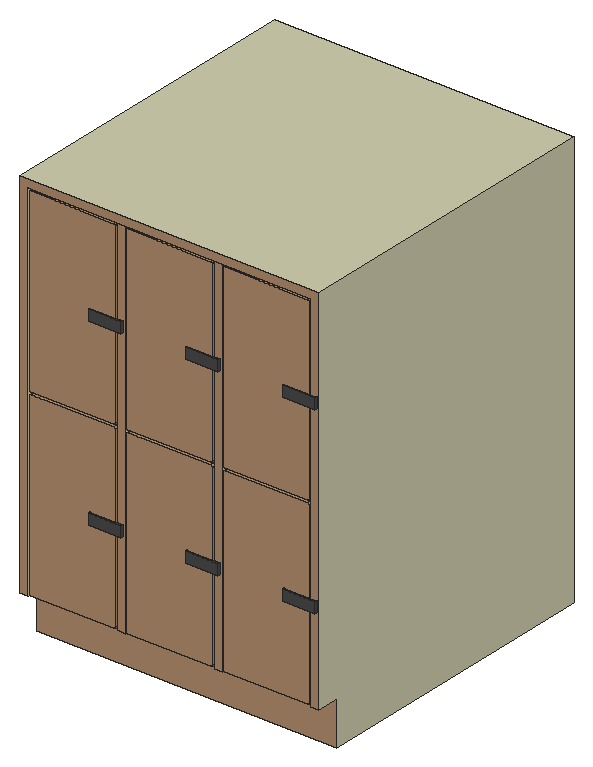
Revit family "Cabinet_Wenger_UltraStor_52", category Furniture, Revit 2015
Parameters (values of type "UltraStor Cabinet #52 - Comp Wood Doors")
  URL = "https://www.wengercorp.com/"
  Type Comments = ""
  Specification = "http://www.arcat.com/sdspecs/htm04/12_35_83wen.htm"
  Shelf Thickness = 0' - 1 1/8"
  Sales Information = "https://www.wengercorp.com/contact-us.php"
  Revision = "R1_2018-04"
  Rear Panel Thickness = 0' - 0 3/4"
  Product Data = "http://www.arcat.com/arcatcos/cos36/arc36487.html"
  Manufacturer Website = "https://www.wengercorp.com/"
  Manufacturer Phone - Toll Free = "800-4WENGER"
  Manufacturer Phone = "(507) 455-4100"
  Manufacturer Fax = "(507) 455-4258"
  Manufacturer Address = "555 Park Dr., Owatonna, MN 55060"
  Keynote = "12 35 83"
  HasDoors = yes
  Green Building-LEED = "http://www.arcat.com/green/clients/leed_data_36487.html"
  Drawn By = "Sumex Design, Inc. / Robert S. Weygant, CSI, CDT, SCIP"
  Door Width = (Cabinet Width - 0' 3") / 3  # 0' - 8.16667"
  Door Style = Door_Base : Solid Door
  Door Material [instance] = Wenger Cherry (Use Cherry Edge Band Only)
  Door Height = (Cabinet Height - 0' 4 3/4") / 5  # 0' - 6.7125"
  Toe Kick Material [instance] = Wenger Cherry (Use Cherry Edge Band Only)
  RH End Panel [instance] = no
  Model = "#52"
  Manufacturer = "Wenger Corporation"
  LH End Panel [instance] = no
  End Panel Material [instance] = Wenger Cherry (Use Cherry Edge Band Only)
  Edge Banding Material [instance] = Wenger Cherry (Use Cherry Edge Band Only)
  Cost = 0
  Copyright = "© 2018 Arcat Inc."
  Construction Details = "http://www.arcat.com/details/wengerco/wengerco.html?coid=36487"
  Body Material [instance] = Wenger - Oyster
  Description = "Wenger UltraStor Cabinet #52 - Comp Wood Doors"
  Cabinet Width = 2' - 3 1/2"
  Cabinet Height = 3' - 2 5/16"
  Installed Depth = 2' - 5 1/4"
  Cabinet Panel Thickness = 0' - 0 3/4"
  Assembly Code = "E2010200"
Types (14): name | Rear Panel Thickness | HasDoors | Door Width | Door Style | Door Material | Model | Description | Cabinet Width | Installed Depth
  Acoustic Cabinet #52 - No Doors | 0' - 3 1/4" | no | 0' - 8.16667" | Door_Base : Solid Door | none | "#52A" | "Wenger Acoustic Cabinet #52 - No Doors" | 2' - 3 1/2" | 2' - 7 3/4"
  Narrow Acoustic Cabinet #52 - No Doors | 0' - 3 1/4" | no | 0' - 6.16667" | Door_Base : Solid Door | none | "#52NA" | "Wenger Narrow Acoustic Cabinet #52 - No Doors" | 1' - 9 1/2" | 2' - 7 3/4"
  Narrow Acoustic Cabinet #52 - Comp Grille Doors | 0' - 3 1/4" | yes | 0' - 6.16667" | Door_Base : Bars | Painted Black | "#52NA" | "Wenger Narrow Acoustic Cabinet #52 - Comp Grille Doors" | 1' - 9 1/2" | 2' - 7 3/4"
  Narrow Acoustic Cabinet #52 - Comp Waterfall Grille Doors | 0' - 3 1/4" | yes | 0' - 6.16667" | Door_Base : Waterfall | Painted Black | "#52NA" | "Wenger Narrow Acoustic Cabinet #52 - Comp Waterfall Grille Doors" | 1' - 9 1/2" | 2' - 7 3/4"
  Acoustic Cabinet #52 - Comp Waterfall Grille Doors | 0' - 3 1/4" | yes | 0' - 8.16667" | Door_Base : Waterfall | Painted Black | "#52A" | "Wenger Acoustic Cabinet #52 - Comp Waterfall Grille Doors" | 2' - 3 1/2" | 2' - 7 3/4"
  Acoustic Cabinet #52 - Comp Grille Doors | 0' - 3 1/4" | yes | 0' - 8.16667" | Door_Base : Bars | Painted Black | "#52A" | "Wenger Acoustic Cabinet #52 - Comp Grille Doors" | 2' - 3 1/2" | 2' - 7 3/4"
  Narrow UltraStor Cabinet #52 - Comp Grille Doors | 0' - 0 3/4" | yes | 0' - 6.16667" | Door_Base : Bars | Painted Black | "#52N" | "Wenger Narrow Cabinet #52 - Comp Grille Doors" | 1' - 9 1/2" | 2' - 5 1/4"
  UltraStor Cabinet #52 - Comp Grille Doors | 0' - 0 3/4" | yes | 0' - 8.16667" | Door_Base : Bars | Painted Black | "#52" | "Wenger UltraStor Cabinet #52 - Comp Grille Doors" | 2' - 3 1/2" | 2' - 5 1/4"
  UltraStor Cabinet #52 - Comp Waterfall Grille Doors | 0' - 0 3/4" | yes | 0' - 8.16667" | Door_Base : Waterfall | Painted Black | "#52" | "Wenger UltraStor Cabinet #52 - Comp Waterfall Grille Doors" | 2' - 3 1/2" | 2' - 5 1/4"
  Narrow UltraStor Cabinet #52 - No Doors | 0' - 0 3/4" | no | 0' - 6.16667" | Door_Base : Solid Door | none | "#52N" | "Wenger Narrow Cabinet #52 - No Doors" | 1' - 9 1/2" | 2' - 5 1/4"
  UltraStor Cabinet #52 - Comp Wood Doors | 0' - 0 3/4" | yes | 0' - 8.16667" | Door_Base : Solid Door | Wenger Cherry (Use Cherry Edge Band Only) | "#52" | "Wenger UltraStor Cabinet #52 - Comp Wood Doors" | 2' - 3 1/2" | 2' - 5 1/4"
  Narrow UltraStor Cabinet #52 - Comp Wood Doors | 0' - 0 3/4" | yes | 0' - 6.16667" | Door_Base : Solid Door | Wenger Cherry (Use Cherry Edge Band Only) | "#52N" | "Wenger Narrow Cabinet #52 - Comp Wood Doors" | 1' - 9 1/2" | 2' - 5 1/4"
  UltraStor Cabinet #52 - No Doors | 0' - 0 3/4" | no | 0' - 8.16667" | Door_Base : Solid Door | none | "#52" | "Wenger UltraStor Cabinet #52 - No Doors" | 2' - 3 1/2" | 2' - 5 1/4"
  Narrow UltraStor Cabinet #52 - Comp Waterfall Grille Doors | 0' - 0 3/4" | yes | 0' - 6.16667" | Door_Base : Waterfall | Painted Black | "#52N" | "Wenger Narrow Cabinet #52 - Comp Waterfall Grille Doors" | 1' - 9 1/2" | 2' - 5 1/4"
Reference planes (in)
  plane 1 "Front": y = 0
  plane 2: z = 0
  plane 3 "Left": x = 0
  plane 4 "Right": x = 27.5
  plane 5 "Back": y = 29.25
  plane 6 "Top": z = 38.3125
  plane 7: z = 4
  plane 8: z = 20.78125
  plane 9: x = 0.75
  plane 10: x = 26.75
  plane 11: z = 37.5625
  plane 12: x = 8.91667
  plane 13: x = 9.66667
  plane 14: x = 17.83333
  plane 15: x = 18.58333
  plane 16: y = 28.5
  plane 17: y = 2
  plane 18: y = 0.75
  plane 19: z = 21.90625
  plane 20: z = 5.125
Forms (in)
  Extrusion 1, solid, material "Wenger - Oyster" <- "Body Material"
    sketch origin (0, 0, 0) x (0, 1, 0) y (0, 0, 1)
      loop
        line (0, 38.3125) -> (0, 4) -> (2, 4) -> (2, 0) -> (29.25, 0) -> (29.25, 38.3125) -> (0, 38.3125)
    from 0 to 27.5
  Extrusion 2, void
    sketch origin (0, 0, 0) x (0, 1, 0) y (0, 0, 1)
      loop
        line (-5.5, 37.5625) -> (-5.5, 4) -> (0.75, 4)
        arc (0.75, 4) -> (1.15915, 4.80234) -> (2, 5.125) r 1.25694
        line (2, 5.125) -> (28.5, 5.125) -> (28.5, 20.78125) -> (0.75, 20.78125)
        arc (0.75, 20.78125) -> (1.18296, 21.55713) -> (2, 21.90625) r 1.375
        line (2, 21.90625) -> (28.5, 21.90625) -> (28.5, 37.5625) -> (-5.5, 37.5625)
    from 0.75 to 8.91667
  Extrusion 3, void
    sketch origin (0, 0, 0) x (0, 1, 0) y (0, 0, 1)
      loop
        line (-5.5, 37.5625) -> (-5.5, 4) -> (0.75, 4)
        arc (0.75, 4) -> (1.18296, 4.77588) -> (2, 5.125) r 1.375
        line (2, 5.125) -> (28.5, 5.125) -> (28.5, 20.78125) -> (0.75, 20.78125)
        arc (0.75, 20.78125) -> (1.18296, 21.55713) -> (2, 21.90625) r 1.375
        line (2, 21.90625) -> (28.5, 21.90625) -> (28.5, 37.5625) -> (-5.5, 37.5625)
    from 9.66667 to 17.83333
  Extrusion 4, void
    sketch origin (0, 0, 0) x (0, 1, 0) y (0, 0, 1)
      loop
        line (-5.5, 37.5625) -> (-5.5, 4) -> (0.75, 4)
        arc (0.75, 4) -> (1.18296, 4.77588) -> (2, 5.125) r 1.375
        line (2, 5.125) -> (28.5, 5.125) -> (28.5, 20.78125) -> (0.75, 20.78125)
        arc (0.75, 20.78125) -> (1.18296, 21.55713) -> (2, 21.90625) r 1.375
        line (2, 21.90625) -> (28.5, 21.90625) -> (28.5, 37.5625) -> (-5.5, 37.5625)
    from 18.58333 to 26.75
  Extrusion 5, void
    sketch origin (0, 0, 0) x (0, 1, 0) y (0, 0, 1)
      loop
        line (0, 37.5625) -> (0, 4) -> (0.0625, 4) -> (0.0625, 37.5625) -> (0, 37.5625)
    from 0.75 to 26.75
Cuts and joins
  Extrusion 2, Extrusion 3, Extrusion 4, Extrusion 5 cuts Extrusion 1
Lines and regions (in)
  Masking region 1
    outline origin (0, 0, 0) x (1, 0, 0) y (0, 1, 0)
      loop
        line (0, 29.25) -> (0, 0) -> (27.5, 0) -> (27.5, 29.25) -> (0, 29.25)
Dimensions and locks (in)
  "Cabinet Panel Thickness": plane 3 "Left" to plane 9
  "Cabinet Panel Thickness": plane 10 to plane 4 "Right"
  "Cabinet Panel Thickness": plane 5 "Back" to plane 16
  locked: plane 1 "Front" to plane 18 at 0.75
  locked: plane 1 "Front" to plane 17 at 2
  "Shelf Thickness": plane 19 to plane 8
  "Cabinet Panel Thickness": plane 6 "Top" to plane 11
  "Shelf Thickness": plane 20 to plane 7
  "Cabinet Width": plane 3 "Left" to plane 4 "Right"
  locked: plane 7 to level at 4
  "Cabinet Height": plane 6 "Top" to level
  "Installed Depth": plane 1 "Front" to plane 5 "Back"
  "Door Width": plane 12 to plane 9
  "Door Width": plane 14 to plane 13
  "Door Width": plane 10 to plane 15
  plane 3 "Left" to plane 4 "Right" = 2' - 3 1/2"
  locked: plane 15 to plane 14 at 0.75
  equal spacing: plane 13, nested 2, plane 14
  equal spacing: plane 5 "Back", nested 2, plane 1 "Front"
  equal spacing: plane 11, plane 8, plane 7
  aligned and locked: Extrusion 1 sketch curve to plane 6 "Top"
  aligned and locked: Extrusion 1 sketch curve to plane 5 "Back"
  aligned and locked: Extrusion 1 sketch curve to plane 1 "Front"
  aligned and locked: Extrusion 1 sketch curve to plane 7
  aligned and locked: Extrusion 1 sketch curve to plane 17
  aligned and locked: Extrusion 1 sketch curve to level
  aligned and locked: Extrusion 1 to plane 4 "Right"
  aligned and locked: Extrusion 1 to plane 3 "Left"
  aligned and locked: Extrusion 2 sketch curve to plane 11
  aligned and locked: Extrusion 2 sketch curve to plane 19
  aligned and locked: Extrusion 2 sketch curve to plane 8
  aligned and locked: Extrusion 2 sketch curve to plane 20
  aligned and locked: Extrusion 2 to plane 9
  aligned and locked: plane 12 to Extrusion 2
  aligned and locked: plane 14 to Extrusion 3
  aligned and locked: Extrusion 3 to plane 13
  aligned and locked: Extrusion 4 to plane 10
  aligned and locked: Extrusion 4 to plane 15
  aligned and locked: Extrusion 5 sketch curve to cut or joined group of Extrusion 1, Extrusion 2, Extrusion 3, Extrusion 4, Extrusion 5  (x3)
  aligned and locked: Extrusion 5 to plane 10
  aligned and locked: Extrusion 5 to plane 9
  aligned and locked: nested 3 to plane 9
  aligned and locked: plane 12 to nested 3
  aligned and locked: plane 11 to nested 3
  aligned and locked: plane 11 to nested 4
  aligned and locked: nested 4 to plane 13
  aligned and locked: plane 14 to nested 4
  aligned and locked: cut or joined group of Extrusion 1, Extrusion 2, Extrusion 3, Extrusion 4, Extrusion 5 to plane 15
  aligned and locked: cut or joined group of Extrusion 1, Extrusion 2, Extrusion 3, Extrusion 4, Extrusion 5 to plane 10
  aligned and locked: plane 11 to nested 5
  aligned and locked: plane 8 to cut or joined group of Extrusion 1, Extrusion 2, Extrusion 3, Extrusion 4, Extrusion 5
  aligned and locked: nested 8 to plane 10
  aligned and locked: nested 5 to plane 10
  aligned and locked: nested 5 to plane 15
  aligned and locked: nested 8 to plane 15
  aligned and locked: plane 14 to cut or joined group of Extrusion 1, Extrusion 2, Extrusion 3, Extrusion 4, Extrusion 5
  aligned and locked: nested 7 to plane 13
  aligned and locked: plane 12 to nested 6
  aligned and locked: nested 6 to plane 9
  aligned and locked: plane 7 to cut or joined group of Extrusion 1, Extrusion 2, Extrusion 3, Extrusion 4, Extrusion 5
  aligned and locked: nested 7 to plane 7
  aligned and locked: nested 8 to plane 7
  aligned and locked: nested 6 to plane 7
  aligned and locked: plane 18 to Extrusion 2 sketch curve
  aligned and locked: plane 1 "Front" to nested 9
  aligned and locked: nested 9 to level
  aligned and locked: nested 9 to plane 4 "Right"
  aligned and locked: Masking region 1 sketch curve to plane 5 "Back"
  aligned and locked: Masking region 1 sketch curve to plane 1 "Front"
  aligned and locked: plane 3 "Left" to Masking region 1 sketch curve
  aligned and locked: plane 4 "Right" to Masking region 1 sketch curve
  aligned and locked: plane 8 to nested 6
  aligned and locked: plane 8 to nested 7
  aligned and locked: plane 8 to nested 8
  aligned and locked: nested 5 to plane 8
  aligned and locked: nested 4 to plane 8
  aligned and locked: nested 3 to plane 8
  aligned and locked: plane 14 to nested 7
Automatic sketch dimensions
  Extrusion 3 sketch curve to plane 11 = 0' - 0"
  Extrusion 3 sketch curve to plane 7 = 0' - 0"
  Extrusion 3 sketch curve to plane 18 = 0' - 0"  (x2)
  Extrusion 3 sketch curve to plane 8 = 0' - 0"
  Extrusion 3 sketch curve to plane 17 = 0' - 0"  (x2)
  Extrusion 3 sketch curve to plane 16 = 0' - 0"  (x2)
  Extrusion 3 sketch curve to plane 20 = 0' - 0"
  Extrusion 3 sketch curve to plane 19 = 0' - 0"
  plane 1 "Front" to Extrusion 3 sketch curve = 0' - 5 1/2"
  Extrusion 3 sketch curve to plane 17 = 0' - 0.10279"  (x2)
  Extrusion 4 sketch curve to plane 11 = 0' - 0"
  Extrusion 4 sketch curve to plane 7 = 0' - 0"
  Extrusion 4 sketch curve to plane 18 = 0' - 0"  (x2)
  Extrusion 4 sketch curve to plane 8 = 0' - 0"
  Extrusion 4 sketch curve to plane 17 = 0' - 0"  (x2)
  Extrusion 4 sketch curve to plane 16 = 0' - 0"  (x2)
  Extrusion 4 sketch curve to plane 20 = 0' - 0"
  Extrusion 4 sketch curve to plane 19 = 0' - 0"
  plane 1 "Front" to Extrusion 4 sketch curve = 0' - 5 1/2"
  Extrusion 4 sketch curve to plane 17 = 0' - 0.10279"  (x2)
  plane 18 to Extrusion 5 sketch curve = 0' - 0 11/16"
  Extrusion 2 sketch curve to plane 7 = 0' - 0"
  Extrusion 2 sketch curve to plane 17 = 0' - 0"  (x2)
  Extrusion 2 sketch curve to plane 16 = 0' - 0"  (x2)
  plane 1 "Front" to Extrusion 2 sketch curve = 0' - 5 1/2"
  Extrusion 2 sketch curve to plane 18 = 0' - 0"
  Extrusion 2 sketch curve to plane 17 = 0' - 0.10279"
Nested families (in)
  nested 1: "End Panel" at (0, 14.25, 0) x (0, -1, 0) z (0, 0, 1), End Panel Material <- "End Panel Material", visible <- "LH End Panel", Edge Banding Material <- "Edge Banding Material", type "End Panel"
    with End Panel Material Wenger Cherry (Use Cherry Edge Band Only), Edge Banding Material Wenger Cherry (Use Cherry Edge Band Only), End Panel Height 3' - 2 5/16", End Panel Depth 2' - 5 1/4"
  nested 2: "Labels" at (13.75, 14.625, 0), type "Labels"
  nested 3: "Door_Base" at (4.83333, 0, 20.78125) x (1, 0, 0) z (0, -1, 0), type <- "Door Style", visible <- "HasDoors", type "Solid Door", detail levels medium+fine
    with vBars 6, Width 0' - 8.16667", ToeKick Height 0' - 4", MidBar no, Height 1' - 4 25/32", BarHt 1' - 4 9/32", 2HzBars no
  nested 4: "Door_Base" at (13.75, 0, 20.78125) x (1, 0, 0) z (0, -1, 0), type <- "Door Style", visible <- "HasDoors", type "Solid Door", detail levels medium+fine
    with vBars 6, Width 0' - 8.16667", ToeKick Height 0' - 4", MidBar no, Height 1' - 4 25/32", BarHt 1' - 4 9/32", 2HzBars no
  nested 5: "Door_Base" at (22.66667, 0, 20.78125) x (1, 0, 0) z (0, -1, 0), type <- "Door Style", visible <- "HasDoors", type "Solid Door", detail levels medium+fine
    with vBars 6, Width 0' - 8.16667", ToeKick Height 0' - 4", MidBar no, Height 1' - 4 25/32", BarHt 1' - 4 9/32", 2HzBars no
  nested 6: "Door_Base" at (4.83333, 0, 4) x (1, 0, 0) z (0, -1, 0), type <- "Door Style", visible <- "HasDoors", type "Solid Door", detail levels medium+fine
    with vBars 6, Width 0' - 8.16667", ToeKick Height 0' - 4", MidBar no, Height 1' - 4 25/32", BarHt 1' - 4 9/32", 2HzBars no
  nested 7: "Door_Base" at (13.75, 0, 4) x (1, 0, 0) z (0, -1, 0), type <- "Door Style", visible <- "HasDoors", type "Solid Door", detail levels medium+fine
    with vBars 6, Width 0' - 8.16667", ToeKick Height 0' - 4", MidBar no, Height 1' - 4 25/32", BarHt 1' - 4 9/32", 2HzBars no
  nested 8: "Door_Base" at (22.66667, 0, 4) x (1, 0, 0) z (0, -1, 0), type <- "Door Style", visible <- "HasDoors", type "Solid Door", detail levels medium+fine
    with vBars 6, Width 0' - 8.16667", ToeKick Height 0' - 4", MidBar no, Height 1' - 4 25/32", BarHt 1' - 4 9/32", 2HzBars no
  nested 9: "End Panel" at (28.25, 14.25, 0) x (0, -1, 0) z (0, 0, 1), End Panel Material <- "End Panel Material", Edge Banding Material <- "Edge Banding Material", visible <- "RH End Panel", type "End Panel"
    with End Panel Material Wenger Cherry (Use Cherry Edge Band Only), Edge Banding Material Wenger Cherry (Use Cherry Edge Band Only), End Panel Height 3' - 2 5/16", End Panel Depth 2' - 5 1/4"
Definition of nested family "End Panel"
  Parameters (values of type "End Panel")
    End Panel Material [instance] = none
    End Panel Height = 7' - 1 5/8"
    End Panel Depth = 1' - 9 3/4"
    Edge Banding Material [instance] = none
    Default Elevation = 4' - 0"
    Assembly Code = ""
  Reference planes (in)
    plane 1 "Center (Front/Back)": y = 0
    plane 2: z = 0
    plane 3 "Center (Left/Right)": x = 0
    plane 4: x = -15
    plane 5: x = 6.75
    plane 6: z = 4
    plane 7: x = 4.75
    plane 8: z = 85.625
    plane 9: y = -0.75
  Forms (in)
    Extrusion 1, solid, material <- "End Panel Material"
      sketch origin (0, 0, 0) x (1, 0, 0) y (0, 0, 1)
        loop
          line (-15, 85.625) -> (-15, 0) -> (4.75, 0) -> (4.75, 4) -> (6.75, 4) -> (6.75, 85.625) -> (-15, 85.625)
      from 0 to 0.75
  Lines and regions (in)
    Masking region 1, detail levels coarse+medium
      outline origin (0, 0, 0) x (1, 0, 0) y (0, 1, 0)
        loop
          line (-15, 0) -> (-15, -0.75) -> (6.75, -0.75) -> (6.75, 0) -> (-15, 0)
  Dimensions and locks (in)
    locked: plane 7 to plane 5 at 2
    locked: plane 6 to level at 4
    "End Panel Height": plane 8 to level
    "End Panel Depth": plane 5 to plane 4
    locked: plane 9 to plane 1 "Center (Front/Back)" at 0.75
    aligned and locked: plane 4 to Extrusion 1 sketch curve
    aligned and locked: level to Extrusion 1 sketch curve
    aligned and locked: plane 7 to Extrusion 1 sketch curve
    aligned and locked: plane 6 to Extrusion 1 sketch curve
    aligned and locked: Extrusion 1 sketch curve to plane 5
    aligned and locked: Extrusion 1 sketch curve to plane 8
    aligned and locked: Extrusion 1 to plane 9
    aligned and locked: Extrusion 1 to plane 1 "Center (Front/Back)"
    aligned and locked: plane 4 to Masking region 1 sketch curve
    aligned and locked: Masking region 1 sketch curve to plane 5
    aligned and locked: plane 1 "Center (Front/Back)" to Masking region 1 sketch curve
    aligned and locked: plane 9 to Masking region 1 sketch curve
Definition of nested family "Door_Base"
  Parameters (values of type "None")
    vBars [instance] = (Width - 0' 2") / 0' 1"  # 6
    Width [instance] = 0' - 8"
    ToeKick Height [instance] = 0' - 4"
    Thickness = 0' - 0 3/4"
    Solid Door = no
    Shelf Thickness = 0' - 0 3/4"
    Panel Thickness = 0' - 0 3/4"
    MidBar [instance] = and(Height < 1' 6", HasDoor, not(Solid Door))  # no
    Height [instance] = 1' - 2 5/8"
    HasDoor = no
    Edge Banding = none
    DoorGap = 0' - 0 1/8"
    Door Finish = none
    Depth = 2' - 0"
    Default Elevation = 4' - 0"
    Bars = no
    BarStyle = Bars : Waterfall
    BarHt [instance] = Height - 0' 0 1/2"  # 1' - 2 1/8"
    2HzBars [instance] = and(Height > 1' 6", not(Solid Door))  # no
  Types (4): name | Thickness | Solid Door | MidBar | HasDoor | Bars | BarStyle
    Solid Door | 0' - 0 3/4" | yes | no | yes | no | Bars : Waterfall
    Bars | 0' - 0 1/4" | no | yes | yes | yes | Bars : Straight
    Waterfall | 0' - 0 3/4" | no | yes | yes | yes | Bars : Waterfall
    None | 0' - 0 3/4" | no | no | no | no | Bars : Waterfall
  Reference planes (in)
    plane 1 "Center (Front/Back)": y = 0
    plane 2: z = 0
    plane 3 "Center (Left/Right)": x = 0
    plane 4: x = -4
    plane 5: y = 14.625
    plane 6: x = 4
    plane 7: z = -0.75
    plane 8: x = -3.875
    plane 9: x = 3.875
    plane 10: y = 0.125
    plane 11: y = 14.5
    plane 12: y = -0.75
    plane 13 "CL Elev": y = 7.3125
    plane 14: x = -3.75
    plane 15: x = 3.75
    plane 16 "BtmRail": y = 0.25
    plane 17: y = 14.375
    plane 18: z = -0.125
    plane 19: x = -2.75
    plane 20: x = 2.75
    plane 21: y = 9.66667
    plane 22: y = 4.95833
  Forms (in)
    Extrusion 1, solid, material <- "Door Finish", visible <- "Solid Door", detail levels medium+fine
      sketch origin (0, 0, 0) x (1, 0, 0) y (0, 1, 0)
        loop
          arc (-3.75, 14.5) -> (-3.83839, 14.46339) -> (-3.875, 14.375) r 0.125
          line (-3.875, 14.375) -> (-3.875, 0.25)
          arc (-3.875, 0.25) -> (-3.83839, 0.16161) -> (-3.75, 0.125) r 0.125
          line (-3.75, 0.125) -> (3.75, 0.125)
          arc (3.75, 0.125) -> (3.83839, 0.16161) -> (3.875, 0.25) r 0.125
          line (3.875, 0.25) -> (3.875, 14.375)
          arc (3.875, 14.375) -> (3.83839, 14.46339) -> (3.75, 14.5) r 0.125
          line (3.75, 14.5) -> (-3.75, 14.5)
      from 0 to -0.75
    Sweep 2, solid, material <- "Door Finish", visible <- "Bars", detail levels medium+fine
      path origin (0, 0, 0) x (1, 0, 0) y (0, 1, 0)
        loop
          arc (-3.125, 14.5) -> (-3.65533, 14.28033) -> (-3.875, 13.75) r 0.75
          line (-3.875, 13.75) -> (-3.875, 0.875)
          arc (-3.875, 0.875) -> (-3.65533, 0.34467) -> (-3.125, 0.125) r 0.75
          line (-3.125, 0.125) -> (3.125, 0.125)
          arc (3.125, 0.125) -> (3.65533, 0.34467) -> (3.875, 0.875) r 0.75
          line (3.875, 0.875) -> (3.875, 13.75)
          arc (3.875, 13.75) -> (3.65533, 14.28033) -> (3.125, 14.5) r 0.75
          line (3.125, 14.5) -> (-3.125, 14.5)
      profile origin (0, 14.5, 0) x (0, 1, 0) y (0, 0, 1)
        loop
          circle (-0.125, -0.125) r 0.125
    Extrusion 3, solid, material <- "Door Finish", visible <- "MidBar", detail levels medium+fine
      sketch origin (0, 0, 0) x (0, 1, 0) y (0, 0, 1)
        loop
          circle (7.3125, -0.125) r 0.125
      from -3.75 to 3.75
    Extrusion 4, solid, visible <- "HasDoor", detail levels fine
      sketch origin (0, 0, 0) x (1, 0, 0) y (0, 1, 0)
        loop
          line (1.5, 7.8125) -> (1.5, 6.8125) -> (4.5, 6.8125) -> (4.5, 7.8125) -> (1.5, 7.8125)
      from 0 to 0.125
    Extrusion 5, solid, material <- "Door Finish", visible <- "2HzBars", detail levels medium+fine
      sketch origin (0, 0, 0) x (0, 1, 0) y (0, 0, 1)
        loop
          circle (9.66667, -0.125) r 0.125
        loop
          circle (4.95833, -0.125) r 0.125
      from -3.75 to 3.75
  Lines and regions (in)
    symbolic lines, visible <- "HasDoor", detail levels medium+fine
      curve 1: line (4, 0.25, 0) -> (-4, 0.25, 0)
      curve 2: line (-4, 0.25, 0) -> (-4, 0.25, 8)
      curve 3: arc (4, 0.25, 0) -> (1.65685, 0.25, 5.65685) -> (-4, 0.25, 8) r 8
    symbolic lines, visible <- "HasDoor"
      curve 4: line (3.875, 0.25, 0) -> (3.875, 0.25, -0.75)
      curve 5: line (3.875, 0.25, -0.75) -> (-3.875, 0.25, -0.75)
      curve 6: line (-3.875, 0.25, -0.75) -> (-3.875, 0.25, 0)
    symbolic lines, detail levels medium
      curve 7: line (3.875, 14.5, 0) -> (-3.875, 7.3125, 0)
      curve 8: line (-3.875, 7.3125, 0) -> (3.875, 0.125, 0)
  Dimensions and locks (in)
    "Height": plane 1 "Center (Front/Back)" to plane 5
    "Thickness": level to plane 7
    equal spacing: plane 4, plane 3 "Center (Left/Right)", plane 6
    "Width": plane 4 to plane 6
    "DoorGap": plane 5 to plane 11
    "DoorGap": plane 9 to plane 6
    "DoorGap": plane 4 to plane 8
    "DoorGap": plane 1 "Center (Front/Back)" to plane 10
    "Shelf Thickness": plane 1 "Center (Front/Back)" to plane 12
    equal spacing: plane 1 "Center (Front/Back)", plane 13 "CL Elev", plane 5
    locked: plane 15 to plane 9 at 0.125
    locked: plane 8 to plane 14 at 0.125
    locked: plane 11 to plane 17 at 0.125
    locked: plane 16 "BtmRail" to plane 10 at 0.125
    locked: level to plane 18 at 0.125
    plane 19 to plane 14 = 0' - 1"
    locked: plane 15 to plane 20 at 1
    Extrusion 4 sketch curve to plane 13 "CL Elev" to Extrusion 4 sketch curve = 0' - 0 1/2" locked, 0' - 0 1/2" locked
    locked: plane 6 to Extrusion 4 sketch curve at 0.5
    locked: Extrusion 4 sketch curve to plane 6 at 2.5
    locked: Extrusion 4 to level at 0.125
    equal spacing: group 1, group 3, group 4, group 5, group 6, group 2  (x3)
    equal spacing: plane 17, plane 21, plane 22, plane 16 "BtmRail"
    "Width": radius of curve 3
    aligned and locked: plane 2 to level
    aligned and locked: Extrusion 1 sketch curve to plane 11
    aligned and locked: plane 8 to Extrusion 1 sketch curve
    aligned and locked: Extrusion 1 sketch curve to plane 9
    aligned and locked: plane 10 to Extrusion 1 sketch curve
    aligned and locked: Extrusion 1 to plane 7
    aligned and locked: level to Extrusion 1
    aligned and locked: Sweep 2 sketch curve to plane 11
    aligned and locked: plane 8 to Sweep 2 sketch curve
    aligned and locked: plane 10 to Sweep 2 sketch curve
    aligned and locked: Sweep 2 sketch curve to plane 9
    aligned and locked: plane 15 to Extrusion 3
    aligned and locked: Extrusion 3 to plane 14
    aligned and locked: plane 20 to nested 2
    aligned and locked: plane 19 to nested 1
    aligned and locked: plane 21 to Extrusion 5 sketch curve
    aligned and locked: plane 18 to Extrusion 5 sketch curve  (x2)
    aligned and locked: plane 22 to Extrusion 5 sketch curve
    aligned and locked: Extrusion 5 to Extrusion 3  (x2)
    aligned and locked: plane 4 to curve 3  (x2)
    aligned and locked: level to curve 3
    aligned and locked: plane 7 to curve 5
    aligned and locked: Extrusion 1 to plane 8
    aligned and locked: plane 9 to Extrusion 1
    aligned and locked: plane 10 to curve 8
    aligned and locked: plane 9 to curve 8
    aligned and locked: plane 13 "CL Elev" to curve 8
    aligned and locked: plane 11 to curve 7
    aligned and locked: plane 9 to curve 7
  Automatic sketch dimensions
    plane 8 to Sweep 2 sketch curve = 0' - 0 3/4"  (x2)
    Sweep 2 sketch curve to plane 9 = 0' - 0 3/4"
    Sweep 2 sketch curve to Sweep 2 sketch curve = 0' - 0 3/4"
    Sweep 2 sketch curve to level = 0' - 0 1/8"
    profile plane to Sweep 2 sketch curve = 0' - 0 1/8"
    Extrusion 3 sketch curve to level = 0' - 0 1/8"
    Extrusion 3 sketch curve to plane 13 "CL Elev" = 0' - 0"
    curve 8 to plane 8 = 0' - 0"
    Extrusion 1 sketch curve to plane 14 = 0' - 0"  (x2)
    Extrusion 1 sketch curve to plane 15 = 0' - 0"  (x2)
    curve 5 to plane 9 = 0' - 0"
    curve 6 to plane 8 = 0' - 0"
    radius of Sweep 2 sketch curve = 0' - 0 1/8"
    radius of Extrusion 3 sketch curve = 0' - 0 1/8"
    radius of Extrusion 5 sketch curve = 0' - 0 1/8"  (x2)
  Nested families (in)
    nested 1: "Bars" at (-2.75, 0.25, -0.125) x (1, 0, 0) z (0, 1, 0), type <- "BarStyle", visible <- "Bars", type "Waterfall", detail levels fine
      with Lateral Deviation 0' - 1", Height 1' - 2 1/8"
    nested 2: "Bars" at (2.75, 0.25, -0.125) x (1, 0, 0) z (0, 1, 0), type <- "BarStyle", visible <- "Bars", type "Waterfall", detail levels fine
      with Lateral Deviation 0' - 1", Height 1' - 2 1/8"
    nested 3: "Bars" at (-1.65, 0.25, -0.125) x (1, 0, 0) z (0, 1, 0), type <- "BarStyle", visible <- "Bars", type "Waterfall", detail levels fine
      with Lateral Deviation 0' - 1", Height 1' - 2 1/8"
    nested 4: "Bars" at (-0.55, 0.25, -0.125) x (1, 0, 0) z (0, 1, 0), type <- "BarStyle", visible <- "Bars", type "Waterfall", detail levels fine
      with Lateral Deviation 0' - 1", Height 1' - 2 1/8"
    nested 5: "Bars" at (0.55, 0.25, -0.125) x (1, 0, 0) z (0, 1, 0), type <- "BarStyle", visible <- "Bars", type "Waterfall", detail levels fine
      with Lateral Deviation 0' - 1", Height 1' - 2 1/8"
    nested 6: "Bars" at (1.65, 0.25, -0.125) x (1, 0, 0) z (0, 1, 0), type <- "BarStyle", visible <- "Bars", type "Waterfall", detail levels fine
      with Lateral Deviation 0' - 1", Height 1' - 2 1/8"
  Definition of nested family "Bars"
    Parameters (values of type "Straight")
      WaterFall = no
      Straight = yes
      Lateral Deviation = 0' - 1 1/2"
      Height = 1' - 2 5/8"
      Default Elevation = 4' - 0"
      Bars = none
    Types (3): name | WaterFall | Straight
      (no name) | no | yes
      Waterfall | yes | no
      Straight | no | yes
    Reference planes (in)
      plane 1 "Center (Front/Back)": y = 0
      plane 2: z = 0
      plane 3 "Center (Left/Right)": x = 0
      plane 4: z = 14.625
      plane 5: z = 7.3125
      plane 6: x = 0.75
      plane 7: x = -0.75
      plane 8: z = 10.96875
      plane 9: z = 3.65625
    Forms (in)
      Sweep 1, solid, material <- "Bars", visible <- "WaterFall"
        path origin (0, 0, 0) x (1, 0, 0) y (0, 0, 1)
          loop
            arc (0, 0) -> (0.56057, 1.79006) -> (0.75, 3.65625) r 9.28711
            arc (0.75, 3.65625) -> (0.56057, 5.52244) -> (0, 7.3125) r 9.28711
        profile origin (0.56057, 0, 1.79006) x (-0.979603, 0, 0.200944) y (0, -1, 0)
          loop
            circle (0, 0) r 0.0625
      Sweep 2, solid, material <- "Bars", visible <- "WaterFall"
        path origin (0, 0, 14.625) x (-1, 0, 0) y (0, 0, -1)
          loop
            arc (0, 0) -> (0.56057, 1.79006) -> (0.75, 3.65625) r 9.28711
            arc (0.75, 3.65625) -> (0.56057, 5.52244) -> (0, 7.3125) r 9.28711
        profile origin (-0.56057, 0, 12.83494) x (0.979603, 0, -0.200944) y (0, -1, 0)
          loop
            circle (0, 0) r 0.0625
      Extrusion 3, solid, material <- "Bars", visible <- "Straight"
        sketch origin (0, 0, 0) x (1, 0, 0) y (0, 1, 0)
          loop
            circle (0, 0) r 0.0625
        from 0 to 14.625
    Dimensions and locks (in)
      "Height": plane 4 to level
      equal spacing: plane 6, plane 3 "Center (Left/Right)", plane 7
      "Lateral Deviation": plane 6 to plane 7
      equal spacing: plane 4, plane 8, plane 5, plane 9, level
      aligned and locked: plane 2 to level
      aligned and locked: plane 3 "Center (Left/Right)" to Sweep 1 sketch curve  (x2)
      aligned and locked: level to Sweep 1 sketch curve
      aligned and locked: plane 6 to Sweep 1 sketch curve
      aligned and locked: plane 9 to Sweep 1 sketch curve
      aligned and locked: plane 4 to Sweep 2 sketch curve
      aligned and locked: plane 3 "Center (Left/Right)" to Sweep 2 sketch curve  (x2)
      aligned and locked: plane 8 to Sweep 2 sketch curve
      aligned and locked: plane 7 to Sweep 2 sketch curve
      aligned and locked: plane 5 to Sweep 2 sketch curve
      aligned and locked: plane 4 to Extrusion 3
      aligned and locked: Extrusion 3 to level
    Automatic sketch dimensions
      plane 1 "Center (Front/Back)" to Sweep 1 sketch curve = 0' - 0"
      Sweep 1 sketch curve to profile plane = 0' - 0"
      Sweep 1 sketch curve to Sweep 1 sketch curve = 0' - 0"
      Sweep 2 sketch curve to plane 1 "Center (Front/Back)" = 0' - 0"
      Sweep 2 sketch curve to profile plane = 0' - 0"
      plane 1 "Center (Front/Back)" to Extrusion 3 sketch curve = 0' - 0"
      Extrusion 3 sketch curve to plane 3 "Center (Left/Right)" = 0' - 0"
      radius of Sweep 1 sketch curve = 0' - 0 1/16"
      radius of Sweep 2 sketch curve = 0' - 0 1/16"
      radius of Extrusion 3 sketch curve = 0' - 0 1/16"
Definition of nested family "Labels"
  Parameters
    Cabinet Label = "01"
  Reference planes (in)
    plane 1: y = 0
    plane 2: x = 0
  Text (in)
    label "xxxx" at (-0.00018, 0.00754, 0), shows "Cabinet Label"
